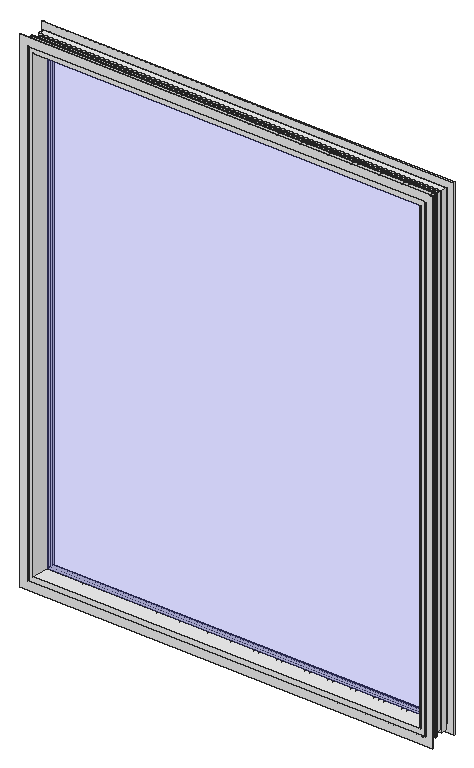
Revit family "Window-Fixed_Kawneer_8410TL-01_21020", category Windows, host Wall, Revit 2013
Parameters
  ecoScorecard_data = "http://products.ecoscorecard.com/kawneer/1869"
  ecoScorecard Product Page = "http://kawneer.ecoscorecard.com/product/1869?base_search=product_category_A1108"
  Window Pane = Glass
  URL = "http://www.kawneer.com/kawneer/north_america/en/product.asp?prod_id=1869"
  Type of Glazing = "monolithic, insulating"
  Type Comments = "4\" Thermal Heavy Commercial Window and Architectural Window"
  Subcategory = "Single Hung"  # constant formula
  Style = "Single Hung\r\nDouble Hung\r\nSlider"
  Short Description = "Sliding/Hung Window"
  Overall U-Factor = "Single Hung 0.51\r\nDouble Hung 0.52\r\nSlider 0.55"
  Outside Glazed = "No"
  Model = "8400TL ISOLOCK® Window"
  Minimum Width = 0"
  Minimum Height = 0"
  Maximum Width = 0"
  Maximum Height = 0"
  Manufacturer Part Number = "8400TL ISOLOCK® Window"
  Manufacturer = "Kawneer"  # constant formula
  Keywords = "Single Hung, Double Hung and sliding."
  Hurricane Resistant Tested = "Product tested Small and Large Missile"
  Height = 72"
  Glazing Thickness = 1/4"
  Glass U-Factor = "Fixed 0.48 to 0.24"
  Function (Interior or Exterior) = "Exterior, Interior"
  Frame Material = Aluminum - ASTM B 221 - 6063-T6 alloy and temper
  Design Pressure = "Fixed  F-HC100 / F-AW100\r\nSingle Hung H-HC70 / H-AW70\r\nDouble Hung H-HC70 / H-AW70\r\nHorizontal Slider HS-HC70 / HS-AW70"
  Description = "Heavy Commercial and Architectural Window Grade window with a variety of operating functions. Suitable for any building application from low to high rise including new and remodel construction. Tested to both HC  nd AW high performance standards. Available  with the patented ISOLOCK® polyurethane thermal break for insulating glass."
  Depth = 4"
  Default Sill Height = 31 127/256"
  Wall Closure = By host
  Width = 60"
  Color = "any"
  Cladding = "n/a"
  CSI Masterformat Code = "08 51 13 "
  2- and 4-Sided Structural Glazed = "No"
Reference planes (in)
  plane 1 "Center": y = 0
  plane 2 "Center (Left/Right)": x = 0
  plane 3 "Left": x = -30
  plane 4 "Right": x = 30
  plane 5 "Sill": z = 31.49609
  plane 6 "Head": z = 103.49609
  plane 7 "Exterior": y = 2.95276
  plane 8 "Interior": y = -2.95276
Forms (in)
  Sweep 1, solid, material "Aluminum - ASTM B 221 - 6063-T6 alloy and temper" <- "Frame Material"
    path origin (0, 0, 0) x (1, 0, 0) y (0, 0, 1)
      loop
        line (30, 103.49609) -> (-30, 103.49609) -> (-30, 31.49609) -> (30, 31.49609) -> (30, 103.49609)
    profile "Frame : Frame" origin (30, 0, 67.49609) x (1, 0, 0) y (0, -1, 0)
      loop
        line (-1.125, -0.313) -> (-1.125, 0.531) -> (-1, 0.531) -> (-1, 0.749) -> (-1.075, 0.749) -> (-1.075, 0.687) -> (-1.125, 0.687) -> (-1.125, 1.031) -> (-1, 1.031) -> (-1, 1.249) -> (-1.075, 1.249) -> (-1.075, 1.187) -> (-1.125, 1.187) -> (-1.125, 1.84475) -> (-1.187, 1.84475) -> (-1.187, 1.90675) -> (-1.813, 1.90675) -> (-1.813, -0.3986) -> (-1.528, -0.3986) -> (-1.528, -0.313) -> (-1.125, -0.313)
      loop
        line (-1.055, -1.244) -> (-0.759, -1.244) -> (-0.759, -0.612) -> (-1.055, -0.612) -> (-1.055, -0.928) -> (-1.055, -1.244)
      loop
        line (0, -2) -> (0, -1.93) -> (-1.055, -1.93) -> (-1.055, -1.47069) -> (-1.055, -1.324) -> (-0.697, -1.324) -> (-0.697, -0.532) -> (-0.93, -0.532) -> (-0.93, -0.181) -> (-1.055, -0.181) -> (-1.055, 0.461) -> (-0.93, 0.461) -> (-0.93, 0.544) -> (-0.598, 0.544) -> (-0.598, 0.614) -> (-0.676, 0.614) -> (-0.676, 0.689) -> (-0.598, 0.689) -> (-0.598, 0.739) -> (-0.816, 0.739) -> (-0.816, 0.689) -> (-0.738, 0.689) -> (-0.738, 0.614) -> (-0.93, 0.614) -> (-0.93, 0.819) -> (-1.055, 0.819) -> (-1.055, 0.961) -> (-0.93, 0.961) -> (-0.93, 1.319) -> (-1.055, 1.319) -> (-1.055, 1.47064) -> (-1.055, 1.93) -> (0, 1.93) -> (0, 2) -> (-1.125, 2) -> (-1.125, 1.96875) -> (-1.875, 1.96875) -> (-1.875, -0.5456) -> (-1.8, -0.5456) -> (-1.8, -0.4606) -> (-1.54, -0.4606) -> (-1.54, -0.5456) -> (-1.465, -0.5456) -> (-1.465, -0.375) -> (-1, -0.375) -> (-1, -0.532) -> (-1.125, -0.532) -> (-1.125, -0.74404) -> (-1.125, -1.688) -> (-1.875, -1.688) -> (-1.875, -1.75) -> (-1.125, -1.75) -> (-1.125, -2) -> (0, -2)
  Extrusion 2, solid, material "Glass" <- "Window Pane"
    sketch origin (0, 0, 31.49609) x (0, -1, 0) y (1, 0, 0)
      loop
        line (-1.688, -28.535) -> (-0.5456, -28.535) -> (-0.5456, 28.535) -> (-1.688, 28.535) -> (-1.688, -28.535)
    from 1.465 to 70.535
Lines and regions (in)
  Opening 1
    outline origin (137.79528, -2.95276, 0) x (1, 0, 0) y (0, 0, 1)
      loop
        line (-107.79528, 31.49609) -> (-107.79528, 103.49609) -> (-167.79528, 103.49609) -> (-167.79528, 31.49609) -> (-107.79528, 31.49609)
Text (in)
  text "EXTERIOR" at (-77.29147, 52.45485, 0), in view "Ref. Level"
  text "INTERIOR" at (-78.01048, -32.21994, 0), in view "Ref. Level"
  text "Exterior" at (0, 36.36817, 115.8778), in view "Right"
  text "Exterior" at (0, 40.96394, 105.72475), in view "Left"
Dimensions and locks (in)
  equal spacing: plane 3 "Left", plane 2 "Center (Left/Right)", plane 4 "Right"
  "Width": plane 3 "Left" to plane 4 "Right"
  "Height": plane 5 "Sill" to plane 6 "Head"
  "Default Sill Height": plane 5 "Sill" to level
  locked: plane 7 "Exterior" to host wall at 0
  locked: plane 8 "Interior" to host wall
  aligned and locked: plane 4 "Right" to Sweep 1 sketch curve
  aligned and locked: plane 6 "Head" to Sweep 1 sketch curve
  aligned and locked: plane 5 "Sill" to Sweep 1 sketch curve
  aligned and locked: plane 3 "Left" to Sweep 1 sketch curve
  aligned and locked: Sweep 1 to Extrusion 2 sketch curve  (x3)
  aligned and locked: Extrusion 2 sketch curve to Sweep 1
  aligned and locked: Extrusion 2 to Sweep 1
  aligned and locked: Sweep 1 to Extrusion 2
Automatic sketch dimensions
  Opening 1 sketch curve to plane 3 "Left" = 0"
  Opening 1 sketch curve to plane 4 "Right" = 0"
  Opening 1 sketch curve to plane 5 "Sill" = 0"
  Opening 1 sketch curve to plane 6 "Head" = 0"
